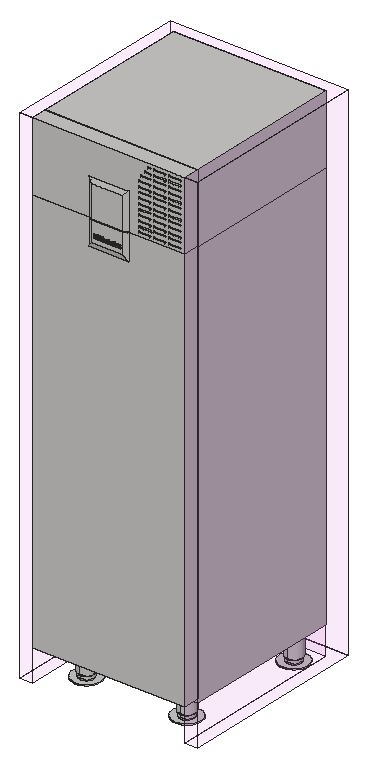
Revit family "QF_ELECTROLUXPROFESSIONAL_691387_PS04R1FM", category Attrezzature speciali, Revit 2018
Family settings
  Quota connettore circolare = Usa diametro
  Tipo di parte = Normale
  Basato su piano di lavoro = No
  Sempre verticale = Sì
  Taglio con vuoti quando caricato = No
  Condiviso = No
  Punto di calcolo locali = No
Parameters (values of type "Standard")
  Weight = 229.281 lbm
  Watts = 210 W
  Volts = 220 V
  URL Manufacturer = "https://www.electroluxprofessional.com/"
  URL = "https://www.electroluxprofessional.com/"
  Steam Supply Size = 0"
  Steam Supply Minimum Pressure = 0.00 psi
  Steam Supply Maximum Pressure = 0.00 psi
  Steam Consumption per Hour = 0
  Show Clearance [instance] = yes
  Refrigeration Suction Line Size = 0 mm
  Refrigeration Liquid Line Size = 0 mm
  Refrigerant Compressor Remote = yes
  Phase = 1
  Modello = "PS04R1FM"
  Produttore = "Electrolux Professional"
  Length Actual = 600 mm  # constant formula
  Item Number = "691387"
  Hot Water Size = 0"
  Height Actual = 2040 mm  # constant formula
  HP = "0.3 HP"
  Gas Size = 0"
  Gas KW = 0
  Gas Input Pressure = 0.0 Btu/h
  Direct Waste Size = 0"
  Descrizione = "1-DOOR REFRIGERATOR 470L, 0/+10°C, DIGITAL PROSTORE - R290 -  50/60HZ - MARINE"
  Depth Actual = 700 mm  # constant formula
  Cycle = 50 Hz
  Condensate Return Size = 0"
  Compressed Air Volume = 0 GPM
  Compressed Air Size = 0"
  Compressed Air Pressure = 0.00 psi
  Cold Water Size = 0"
  Accessory = yes
Types (2, lengths in mm): name | URL | Phase | Modello | Produttore | Descrizione
  (no name) | "http://professional.electrolux.com/" | 0 | "RBC201" | "Electrolux" | "BLAST CHILLER 56 KG 20 GN1/1"
  Standard | "https://www.electroluxprofessional.com/" | 1 | "PS04R1FM" | "Electrolux Professional" | "1-DOOR REFRIGERATOR 470L, 0/+10°C, DIGITAL PROSTORE - R290 -  50/60HZ - MARINE"
Values of the unnamed type that differ from the named types
  Weight = 0.00 lbm
  Watts = 0 W
  Volts = 0 V
  URL Manufacturer = ""
  Item Number = ""
  HP = ""
  Cycle = 0 Hz
Reference planes
  plane 1 "BACK": y = 0
  plane 2: z = 0
  plane 3 "LEFT": x = 0
  plane 4 "RIGHT": x = 600
  plane 5 "FRONT": y = -700
  plane 6 "TOP": z = 2040
  plane 7 "Center Y": x = 300
  plane 8 "Center X": y = -350
  plane 9: x = 102
  plane 10: x = 498
  plane 11: z = 115
  plane 12: z = 86
  plane 13: y = -80
  plane 14: y = -694
  plane 15: y = -1227
  plane 16: y = -630
  plane 17: z = 1770
  plane 18: x = -50
  plane 19: y = 50
  plane 20: x = 650
  plane 21: z = 1995
Forms (mm)
  Extrusion 1, solid, material "QF_Metal - Stainless - Polished"
    sketch origin (0, 0, 0) x (1, 0, 0) y (0, 0, 1)
      loop
        line (0, 1995) -> (0, 1724.003) -> (600, 1724.003) -> (600, 1995) -> (0, 1995)
    from 0 to 630
  Extrusion 2, solid, material "QF_Metal - Stainless - Polished"
    sketch origin (0, 0, 0) x (1, 0, 0) y (0, 0, 1)
      loop
        line (0, 1724.003) -> (0, 115) -> (600, 115) -> (600, 1724.003) -> (0, 1724.003)
    from 0 to 630
  Extrusion 3, solid, material "QF_Metal - Stainless - Polished"
    sketch origin (-370, 0, -128) x (1, 0, 0) y (0, 0, 1)
      loop
        circle (450, 1847.083) r 20
    from -7.507 to 0
  Extrusion 4, solid, material "QF_Metal - Stainless - Polished"
    sketch origin (0, 130.478, -45) x (1, 0, 0) y (0, 0, 1)
      loop
        line (0, 2040) -> (0, 1770) -> (600, 1770) -> (600, 2040) -> (0, 2040)
    from 760.478 to 824.478
  Extrusion 5, solid, material "QF_Metal - Stainless - Polished"
    sketch origin (0, 140, 0) x (1, 0, 0) y (0, 0, 1)
      loop
        line (0, 1725) -> (0, 127.536) -> (600, 127.536) -> (600, 1725) -> (0, 1725)
    from 834 to 770
  Revolve 6, solid, material "QF_Metal - Stainless - Polished"
    sketch origin (497.59, -2.833, 0) x (0, 1, 0) y (0, 0, -1)
      loop
        line (-590.954, -115) -> (-553.167, -115) -> (-553.167, 0) -> (-578.757, 0)
        arc (-578.757, 0) -> (-580.973, -2.655) -> (-581.767, -6.021) r 7.527
        line (-581.767, -6.021) -> (-581.767, -17.561) -> (-585.28, -21.074) -> (-585.28, -110.008) -> (-590.954, -110.008) -> (-590.954, -115)
      axis (-553.167, 0) -> (-553.167, -115)
    angle from 0 to 360
  Revolve 7, solid, material "QF_Metal - Stainless - Polished"
    sketch origin (102, -2.833, 0) x (0, 1, 0) y (0, 0, 1)
      loop
        line (-590.954, 115) -> (-590.954, 110.008) -> (-585.28, 110.008) -> (-585.28, 21.074) -> (-581.767, 17.561) -> (-581.767, 6.021)
        arc (-581.767, 6.021) -> (-580.973, 2.655) -> (-578.757, 0) r 7.527
        line (-578.757, 0) -> (-553.167, 0) -> (-553.167, 115) -> (-590.954, 115)
      axis (-553.167, 0) -> (-553.167, 115)
    angle from 0 to 360
  Revolve 8, solid, material "QF_Metal - Stainless - Polished"
    sketch origin (538, -759.167, 0) x (0, -1, 0) y (0, 0, 1)
      loop
        line (-716.954, 115) -> (-716.954, 110.008) -> (-711.28, 110.008) -> (-711.28, 21.074) -> (-707.767, 17.561) -> (-707.767, 6.021)
        arc (-707.767, 6.021) -> (-706.973, 2.655) -> (-704.757, 0) r 7.527
        line (-704.757, 0) -> (-679.167, 0) -> (-679.167, 115) -> (-716.954, 115)
      axis (-679.167, 0) -> (-679.167, 115)
    angle from 0 to 360
  Revolve 9, solid, material "QF_Metal - Stainless - Polished"
    sketch origin (62, -759.167, 0) x (0, -1, 0) y (0, 0, 1)
      loop
        line (-716.954, 115) -> (-716.954, 110.008) -> (-711.28, 110.008) -> (-711.28, 21.074) -> (-707.767, 17.561) -> (-707.767, 6.021)
        arc (-707.767, 6.021) -> (-706.973, 2.655) -> (-704.757, 0) r 7.527
        line (-704.757, 0) -> (-679.167, 0) -> (-679.167, 115) -> (-716.954, 115)
      axis (-679.167, 0) -> (-679.167, 115)
    angle from 0 to 360
  Blend 10, solid, material "QF_Metal - Stainless - Polished"
    base sketch origin (-150, -694, 0) x (1, 0, 0) y (0, 0, 1)
      loop
        line (370, 1869.822) -> (370, 1619.822) -> (530, 1619.822) -> (530, 1869.822) -> (370, 1869.822)
    top sketch origin (-150, -694, 0) x (1, 0, 0) y (0, 0, 1)
      loop
        line (510, 1849.822) -> (390, 1849.822) -> (390, 1639.822) -> (510, 1639.822) -> (510, 1849.822)
    from 0 to 6
  Extrusion 11, void
    sketch origin (-150, -700, 0) x (-1, 0, 0) y (0, 0, 1)
      loop
        line (-370, 1725.997) -> (-530, 1725.997) -> (-530, 1724.003) -> (-370, 1724.003) -> (-370, 1725.997)
    from 0 to 6
  Extrusion 12, solid, material "QF_Door-Drawer Clearances"
    sketch origin (0, 0, 0) x (1, 0, 0) y (0, 1, 0)
      loop
        line (0, -694) -> (0, 0) -> (600, 0) -> (600, -694) -> (650, -694) -> (650, 50) -> (-50, 50) -> (-50, -694) -> (0, -694)
    from 0 to 1995
  Extrusion 13, solid, material "QF_Metal - Stainless - Polished"
    sketch origin (497.59, -556, 0) x (0, -1, 0) y (-1, 0, 0)
      loop
        circle (0, 0) r 55.59
    from 0 to -1.917
  Extrusion 14, solid, material "QF_Metal - Stainless - Polished"
    sketch origin (102, -556, 0) x (0, -1, 0) y (-1, 0, 0)
      loop
        circle (0, 0) r 55.59
    from 0 to -1.917
  Extrusion 15, solid, material "QF_Metal - Stainless - Polished"
    sketch origin (62, -80, 0) x (0, -1, 0) y (-1, 0, 0)
      loop
        circle (0, 0) r 55.59
    from 0 to -1.917
  Extrusion 16, solid, material "QF_Metal - Stainless - Polished"
    sketch origin (538, -80, 0) x (0, -1, 0) y (-1, 0, 0)
      loop
        circle (0, 0) r 55.59
    from 0 to -1.917
  Extrusion 17, void
    sketch origin (0, -694, -45) x (-1, 0, 0) y (0, 0, 1)
      loop
        line (-537.804, 1788.817) -> (-587.804, 1788.817) -> (-587.804, 1780.817) -> (-537.804, 1780.817) -> (-537.804, 1788.817)
      loop
        line (-477.804, 1788.817) -> (-527.804, 1788.817) -> (-527.804, 1780.817) -> (-477.804, 1780.817) -> (-477.804, 1788.817)
      loop
        line (-417.804, 1788.817) -> (-467.804, 1788.817) -> (-467.804, 1780.817) -> (-417.804, 1780.817) -> (-417.804, 1788.817)
    from 0 to 2
  Extrusion 18, void
    sketch origin (0, -694, 195) x (-1, 0, 0) y (0, 0, 1)
      loop
        line (-537.804, 1788.817) -> (-587.804, 1788.817) -> (-587.804, 1780.817) -> (-537.804, 1780.817) -> (-537.804, 1788.817)
      loop
        line (-477.804, 1788.817) -> (-527.804, 1788.817) -> (-527.804, 1780.817) -> (-477.804, 1780.817) -> (-477.804, 1788.817)
      loop
        line (-453.929, 1788.817) -> (-467.804, 1788.817) -> (-467.804, 1780.817) -> (-453.929, 1780.817) -> (-453.929, 1788.817)
    from 0 to 2
  Extrusion 19, void
    sketch origin (0, -694, -25) x (-1, 0, 0) y (0, 0, 1)
      loop
        line (-537.804, 1788.817) -> (-587.804, 1788.817) -> (-587.804, 1780.817) -> (-537.804, 1780.817) -> (-537.804, 1788.817)
      loop
        line (-477.804, 1788.817) -> (-527.804, 1788.817) -> (-527.804, 1780.817) -> (-477.804, 1780.817) -> (-477.804, 1788.817)
      loop
        line (-417.804, 1788.817) -> (-467.804, 1788.817) -> (-467.804, 1780.817) -> (-417.804, 1780.817) -> (-417.804, 1788.817)
    from 0 to 2
  Extrusion 20, void
    sketch origin (0, -694, -5) x (-1, 0, 0) y (0, 0, 1)
      loop
        line (-537.804, 1788.817) -> (-587.804, 1788.817) -> (-587.804, 1780.817) -> (-537.804, 1780.817) -> (-537.804, 1788.817)
      loop
        line (-477.804, 1788.817) -> (-527.804, 1788.817) -> (-527.804, 1780.817) -> (-477.804, 1780.817) -> (-477.804, 1788.817)
      loop
        line (-417.804, 1788.817) -> (-467.804, 1788.817) -> (-467.804, 1780.817) -> (-417.804, 1780.817) -> (-417.804, 1788.817)
    from 0 to 2
  Extrusion 21, void
    sketch origin (0, -694, 15) x (-1, 0, 0) y (0, 0, 1)
      loop
        line (-537.804, 1788.817) -> (-587.804, 1788.817) -> (-587.804, 1780.817) -> (-537.804, 1780.817) -> (-537.804, 1788.817)
      loop
        line (-477.804, 1788.817) -> (-527.804, 1788.817) -> (-527.804, 1780.817) -> (-477.804, 1780.817) -> (-477.804, 1788.817)
      loop
        line (-417.804, 1788.817) -> (-467.804, 1788.817) -> (-467.804, 1780.817) -> (-417.804, 1780.817) -> (-417.804, 1788.817)
    from 0 to 2
  Extrusion 22, void
    sketch origin (0, -694, 35) x (-1, 0, 0) y (0, 0, 1)
      loop
        line (-537.804, 1788.817) -> (-587.804, 1788.817) -> (-587.804, 1780.817) -> (-537.804, 1780.817) -> (-537.804, 1788.817)
      loop
        line (-477.804, 1788.817) -> (-527.804, 1788.817) -> (-527.804, 1780.817) -> (-477.804, 1780.817) -> (-477.804, 1788.817)
      loop
        line (-417.804, 1788.817) -> (-467.804, 1788.817) -> (-467.804, 1780.817) -> (-417.804, 1780.817) -> (-417.804, 1788.817)
    from 0 to 2
  Extrusion 23, void
    sketch origin (0, -694, 55) x (-1, 0, 0) y (0, 0, 1)
      loop
        line (-537.804, 1788.817) -> (-587.804, 1788.817) -> (-587.804, 1780.817) -> (-537.804, 1780.817) -> (-537.804, 1788.817)
      loop
        line (-477.804, 1788.817) -> (-527.804, 1788.817) -> (-527.804, 1780.817) -> (-477.804, 1780.817) -> (-477.804, 1788.817)
      loop
        line (-417.804, 1788.817) -> (-467.804, 1788.817) -> (-467.804, 1780.817) -> (-417.804, 1780.817) -> (-417.804, 1788.817)
    from 0 to 2
  Extrusion 24, void
    sketch origin (0, -694, 75) x (-1, 0, 0) y (0, 0, 1)
      loop
        line (-537.804, 1788.817) -> (-587.804, 1788.817) -> (-587.804, 1780.817) -> (-537.804, 1780.817) -> (-537.804, 1788.817)
      loop
        line (-477.804, 1788.817) -> (-527.804, 1788.817) -> (-527.804, 1780.817) -> (-477.804, 1780.817) -> (-477.804, 1788.817)
      loop
        line (-417.804, 1788.817) -> (-467.804, 1788.817) -> (-467.804, 1780.817) -> (-417.804, 1780.817) -> (-417.804, 1788.817)
    from 0 to 2
  Extrusion 25, void
    sketch origin (0, -694, 95) x (-1, 0, 0) y (0, 0, 1)
      loop
        line (-537.804, 1788.817) -> (-587.804, 1788.817) -> (-587.804, 1780.817) -> (-537.804, 1780.817) -> (-537.804, 1788.817)
      loop
        line (-477.804, 1788.817) -> (-527.804, 1788.817) -> (-527.804, 1780.817) -> (-477.804, 1780.817) -> (-477.804, 1788.817)
      loop
        line (-417.804, 1788.817) -> (-467.804, 1788.817) -> (-467.804, 1780.817) -> (-417.804, 1780.817) -> (-417.804, 1788.817)
    from 0 to 2
  Extrusion 26, void
    sketch origin (0, -694, 115) x (-1, 0, 0) y (0, 0, 1)
      loop
        line (-537.804, 1788.817) -> (-587.804, 1788.817) -> (-587.804, 1780.817) -> (-537.804, 1780.817) -> (-537.804, 1788.817)
      loop
        line (-477.804, 1788.817) -> (-527.804, 1788.817) -> (-527.804, 1780.817) -> (-477.804, 1780.817) -> (-477.804, 1788.817)
      loop
        line (-417.804, 1788.817) -> (-467.804, 1788.817) -> (-467.804, 1780.817) -> (-417.804, 1780.817) -> (-417.804, 1788.817)
    from 0 to 2
  Extrusion 27, void
    sketch origin (0, -694, 135) x (-1, 0, 0) y (0, 0, 1)
      loop
        line (-537.804, 1788.817) -> (-587.804, 1788.817) -> (-587.804, 1780.817) -> (-537.804, 1780.817) -> (-537.804, 1788.817)
      loop
        line (-477.804, 1788.817) -> (-527.804, 1788.817) -> (-527.804, 1780.817) -> (-477.804, 1780.817) -> (-477.804, 1788.817)
      loop
        line (-417.804, 1788.817) -> (-467.804, 1788.817) -> (-467.804, 1780.817) -> (-417.804, 1780.817) -> (-417.804, 1788.817)
    from 0 to 2
  Extrusion 28, void
    sketch origin (0, -694, 155) x (-1, 0, 0) y (0, 0, 1)
      loop
        line (-537.804, 1788.817) -> (-587.804, 1788.817) -> (-587.804, 1780.817) -> (-537.804, 1780.817) -> (-537.804, 1788.817)
      loop
        line (-477.804, 1788.817) -> (-527.804, 1788.817) -> (-527.804, 1780.817) -> (-477.804, 1780.817) -> (-477.804, 1788.817)
      loop
        line (-426.702, 1788.817) -> (-467.804, 1788.817) -> (-467.804, 1780.817) -> (-426.702, 1780.817) -> (-426.702, 1788.817)
    from 0 to 2
  Extrusion 29, void
    sketch origin (0, -694, 175) x (-1, 0, 0) y (0, 0, 1)
      loop
        line (-537.804, 1788.817) -> (-587.804, 1788.817) -> (-587.804, 1780.817) -> (-537.804, 1780.817) -> (-537.804, 1788.817)
      loop
        line (-477.804, 1788.817) -> (-527.804, 1788.817) -> (-527.804, 1780.817) -> (-477.804, 1780.817) -> (-477.804, 1788.817)
      loop
        line (-441.24, 1788.817) -> (-467.804, 1788.817) -> (-467.804, 1780.817) -> (-441.24, 1780.817) -> (-441.24, 1788.817)
    from 0 to 2
  Extrusion 30, solid, material "QF_Door-Drawer Clearances", visible <- "Show Clearance", detail levels coarse
    sketch origin (0, 0, 0) x (1, 0, 0) y (0, 1, 0)
      loop
        line (600, -694) -> (0, -694)
        arc (0, -694) -> (187.42, -1087.232) -> (600, -1227) r 559.707
        line (600, -1227) -> (600, -694)
    from 127.536 to 1725
Cuts and joins
  Extrusion 11, Extrusion 17 cuts Extrusion 1
  Extrusion 11 cuts Extrusion 2
  Extrusion 11, Extrusion 17, Extrusion 18, Extrusion 19, Extrusion 20, Extrusion 21, Extrusion 22, Extrusion 23, Extrusion 24, Extrusion 25, Extrusion 26, Extrusion 27, Extrusion 28, Extrusion 29 cuts Extrusion 4
  Extrusion 11 cuts Extrusion 5
  Extrusion 11 cuts Blend 10
  joined: Revolve 6, Extrusion 13
Lines and regions (mm)
  Split face 1
    outline origin (-150, -700, 0) x (1, 0, 0) y (0, 0, 1)
      loop
        line (415, 1849.822) -> (415, 1697.499) -> (485, 1697.499) -> (485, 1849.822)
  symbolic lines
    curve 1: line (0, 0, 0) -> (600, 0, 0)
    curve 2: line (0, -694, 0) -> (0, 0, 0)
    curve 3: line (600, -694, 0) -> (0, -694, 0)
    curve 4: line (600, 0, 0) -> (600, -694, 0)
    curve 5: line (0, -630, 0) -> (600, -630, 0)
    curve 6: line (220, -694, 0) -> (240, -700, 0)
    curve 7: line (240, -700, 0) -> (360, -700, 0)
    curve 8: line (360, -700, 0) -> (380, -694, 0)
  symbolic lines, style "QF_Door-Drawer Clearances"
    curve 9: line (0, -694, 0) -> (-50, -694, 0)
    curve 10: line (-50, -694, 0) -> (-50, 50, 0)
    curve 11: line (-50, 50, 0) -> (650, 50, 0)
    curve 12: line (650, 50, 0) -> (650, -694, 0)
    curve 13: line (650, -694, 0) -> (600, -694, 0)
    curve 14: arc (0, -694, 0) -> (187.42, -1087.232, 0) -> (600, -1227, 0) r 559.707
    curve 15: line (600, -1227, 0) -> (600, -694, 0)
Dimensions and locks
  equal spacing: plane 3 "LEFT", plane 7 "Center Y", plane 4 "RIGHT"
  plane 3 "LEFT" to plane 4 "RIGHT" = 600 mm
  equal spacing: plane 5 "FRONT", plane 8 "Center X", plane 1 "BACK"
  plane 5 "FRONT" to plane 1 "BACK" = 700 mm
  plane 6 "TOP" to level = 2040 mm
  plane 9 to plane 3 "LEFT" = 102 mm
  plane 10 to plane 4 "RIGHT" = 102 mm
  plane 11 to level = 115 mm
  plane 12 to plane 11 = 29 mm
  plane 1 "BACK" to plane 13 = 80 mm
  plane 15 to plane 1 "BACK" = 1227 mm
  plane 11 to plane 2 = 115 mm
  plane 1 "BACK" to plane 16 = 630 mm
  plane 18 to plane 3 "LEFT" = 50 mm
  plane 4 "RIGHT" to plane 20 = 50 mm
  plane 1 "BACK" to plane 19 = 50 mm
  plane 21 to level = 1995 mm
  aligned and locked: level to plane 2
  aligned and locked: Extrusion 4 to plane 4 "RIGHT"
  aligned and locked: Extrusion 4 to plane 3 "LEFT"
  aligned and locked: plane 5 "FRONT" to Blend 10
Automatic sketch dimensions
  Extrusion 3 sketch curve to plane 9 = 22 mm
  Extrusion 3 sketch curve to plane 17 = 50.917 mm
  plane 11 to Revolve 6 sketch curve = 0 mm
  Revolve 6 sketch curve to level = 0 mm
  plane 16 to Revolve 6 sketch curve = 36.213 mm
  Revolve 6 sketch curve to Revolve 6 sketch curve = 5.674 mm
  Revolve 6 sketch curve to Revolve 6 sketch curve = 3.513 mm  (x2)
  Revolve 6 sketch curve to Revolve 6 sketch curve = 3.01 mm
  level to Revolve 6 sketch curve = 6.021 mm
  Revolve 6 sketch curve to Revolve 6 sketch curve = 21.073 mm
  Revolve 6 sketch curve to plane 11 = 4.992 mm  (x2)
  Revolve 6 sketch curve to Revolve 6 sketch curve = 15.053 mm
  Revolve 6 sketch curve to Revolve 6 sketch curve = 0 mm
  Revolve 6 sketch curve to Revolve 6 sketch curve = 20.008 mm
  Revolve 7 sketch curve to plane 11 = 0 mm
  Revolve 7 sketch curve to level = 0 mm
  plane 16 to Revolve 7 sketch curve = 36.213 mm
  Revolve 7 sketch curve to Revolve 7 sketch curve = 5.674 mm
  Revolve 7 sketch curve to Revolve 7 sketch curve = 3.513 mm  (x2)
  Revolve 7 sketch curve to Revolve 7 sketch curve = 3.01 mm
  level to Revolve 7 sketch curve = 6.021 mm
  Revolve 7 sketch curve to Revolve 7 sketch curve = 21.073 mm
  Revolve 7 sketch curve to Revolve 7 sketch curve = 11.54 mm
  Revolve 7 sketch curve to plane 11 = 4.992 mm
  Revolve 7 sketch curve to Revolve 7 sketch curve = 0 mm
  Revolve 7 sketch curve to Revolve 7 sketch curve = 4.992 mm
  plane 11 to Revolve 7 sketch curve = 20.008 mm
  Revolve 8 sketch curve to plane 11 = 0 mm
  Revolve 8 sketch curve to level = 0 mm
  Revolve 8 sketch curve to plane 13 = 0 mm  (x2)
  level to Revolve 8 sketch curve = 6.021 mm
  Revolve 8 sketch curve to plane 13 = 21.073 mm
  Revolve 8 sketch curve to Revolve 8 sketch curve = 4.517 mm
  Revolve 8 sketch curve to Revolve 8 sketch curve = 3.513 mm  (x2)
  Revolve 8 sketch curve to Revolve 8 sketch curve = 5.674 mm
  Revolve 8 sketch curve to Revolve 8 sketch curve = 11.54 mm
  Revolve 8 sketch curve to plane 11 = 4.992 mm  (x2)
  Revolve 8 sketch curve to Revolve 8 sketch curve = 20.008 mm
  Revolve 9 sketch curve to plane 11 = 0 mm
  Revolve 9 sketch curve to level = 0 mm
  Revolve 9 sketch curve to plane 13 = 0 mm  (x2)
  Revolve 9 sketch curve to level = 6.021 mm
  plane 13 to Revolve 9 sketch curve = 21.073 mm
  Revolve 9 sketch curve to Revolve 9 sketch curve = 4.517 mm
  Revolve 9 sketch curve to Revolve 9 sketch curve = 3.513 mm  (x2)
  Revolve 9 sketch curve to Revolve 9 sketch curve = 5.674 mm
  Revolve 9 sketch curve to Revolve 9 sketch curve = 11.54 mm
  plane 11 to Revolve 9 sketch curve = 4.992 mm  (x2)
  Revolve 9 sketch curve to Revolve 9 sketch curve = 20.008 mm
  Extrusion 14 sketch curve to Extrusion 14 sketch curve = 0 mm  (x2)
  Extrusion 14 sketch curve to Revolve 6 = 395.59 mm
  Extrusion 14 sketch curve to Extrusion 14 sketch curve = 55.59 mm
  Extrusion 15 sketch curve to Extrusion 15 sketch curve = 0 mm  (x2)
  Extrusion 15 sketch curve to Revolve 6 = 435.59 mm
  Extrusion 15 sketch curve to Extrusion 15 sketch curve = 55.59 mm
  Extrusion 16 sketch curve to Extrusion 16 sketch curve = 0 mm  (x2)
  Revolve 6 to Extrusion 16 sketch curve = 40.41 mm
  Extrusion 16 sketch curve to Extrusion 16 sketch curve = 55.59 mm
  plane 14 to curve 10 = 0 mm
  curve 10 to plane 18 = 0 mm
  plane 5 "FRONT" to curve 7 = 0 mm
  plane 1 "BACK" to curve 1 = 0 mm
  curve 1 to plane 4 "RIGHT" = 0 mm
  curve 12 to plane 19 = 0 mm
  curve 12 to plane 20 = 0 mm
  curve 15 to plane 15 = 0 mm
  curve 5 to plane 16 = 0 mm
  curve 7 to plane 7 "Center Y" = 60 mm
  plane 7 "Center Y" to curve 7 = 60 mm
  curve 14 to plane 14 = 25.214 mm
  curve 6 to curve 6 = 20 mm
  curve 7 to curve 8 = 20 mm
  Extrusion 1 sketch curve to plane 3 "LEFT" = 0 mm
  plane 4 "RIGHT" to Extrusion 1 sketch curve = 0 mm
  Extrusion 1 sketch curve to plane 21 = 0 mm
  Extrusion 1 sketch curve to plane 17 = 45.997 mm
  Extrusion 2 sketch curve to plane 3 "LEFT" = 0 mm
  plane 4 "RIGHT" to Extrusion 2 sketch curve = 0 mm
  Extrusion 2 sketch curve to plane 11 = 0 mm
  Extrusion 2 sketch curve to plane 17 = 45.997 mm
  Extrusion 4 sketch curve to plane 3 "LEFT" = 0 mm
  plane 4 "RIGHT" to Extrusion 4 sketch curve = 0 mm
  Extrusion 4 sketch curve to plane 21 = 0 mm
  Extrusion 4 sketch curve to plane 17 = 45 mm
  Extrusion 5 sketch curve to plane 3 "LEFT" = 0 mm
  plane 4 "RIGHT" to Extrusion 5 sketch curve = 0 mm
  plane 11 to Extrusion 5 sketch curve = 12.536 mm
  Extrusion 5 sketch curve to plane 17 = 45 mm
  Blend 10 sketch curve to Extrusion 5 = 105.178 mm
  Blend 10 sketch curve to Extrusion 5 = 220 mm
  Blend 10 sketch curve to Blend 10 sketch curve = 160 mm
  Extrusion 5 to Blend 10 sketch curve = 144.822 mm
  Blend 10 sketch curve to Extrusion 5 = 240 mm
  Blend 10 sketch curve to Blend 10 sketch curve = 120 mm
  Blend 10 sketch curve to Extrusion 5 = 85.178 mm
  Extrusion 5 to Blend 10 sketch curve = 124.822 mm
  Split face 1 sketch curve to Blend 10 = 0 mm  (x2)
  Split face 1 sketch curve to Blend 10 = 25 mm  (x2)
  Split face 1 sketch curve to Blend 10 = 57.677 mm
  Extrusion 11 sketch curve to Blend 10 = 20 mm  (x2)
  Blend 10 to Extrusion 11 sketch curve = 84.181 mm
  Extrusion 11 sketch curve to Extrusion 11 sketch curve = 1.995 mm
  plane 14 to Extrusion 12 sketch curve = 0 mm  (x2)
  Extrusion 12 sketch curve to plane 18 = 0 mm
  Extrusion 12 sketch curve to plane 3 "LEFT" = 0 mm
  Extrusion 12 sketch curve to plane 4 "RIGHT" = 0 mm
  Extrusion 12 sketch curve to plane 19 = 0 mm
  Extrusion 12 sketch curve to plane 20 = 0 mm
  plane 1 "BACK" to Extrusion 12 sketch curve = 0 mm
  Extrusion 4 to Extrusion 17 sketch curve = 12.196 mm
  Extrusion 4 to Extrusion 17 sketch curve = 10.817 mm  (x3)
  Extrusion 17 sketch curve to Extrusion 17 sketch curve = 50 mm  (x3)
  Extrusion 17 sketch curve to Extrusion 17 sketch curve = 10 mm  (x2)
  Extrusion 17 sketch curve to Extrusion 17 sketch curve = 8 mm  (x3)
  Extrusion 4 to Extrusion 18 sketch curve = 12.196 mm
  Extrusion 4 to Extrusion 18 sketch curve = 19.183 mm  (x3)
  Extrusion 18 sketch curve to Extrusion 18 sketch curve = 50 mm  (x2)
  Extrusion 18 sketch curve to Extrusion 18 sketch curve = 10 mm  (x2)
  Extrusion 18 sketch curve to Extrusion 18 sketch curve = 13.876 mm
  Extrusion 18 sketch curve to Extrusion 18 sketch curve = 8 mm  (x3)
  Extrusion 4 to Extrusion 19 sketch curve = 12.196 mm
  Extrusion 19 sketch curve to Extrusion 19 sketch curve = 50 mm  (x3)
  Extrusion 19 sketch curve to Extrusion 19 sketch curve = 10 mm  (x2)
  Extrusion 4 to Extrusion 19 sketch curve = 30.817 mm  (x2)
  Extrusion 19 sketch curve to Extrusion 19 sketch curve = 0 mm
  Extrusion 19 sketch curve to Extrusion 19 sketch curve = 8 mm  (x3)
  Extrusion 4 to Extrusion 20 sketch curve = 12.196 mm
  Extrusion 20 sketch curve to Extrusion 20 sketch curve = 50 mm  (x3)
  Extrusion 20 sketch curve to Extrusion 20 sketch curve = 10 mm  (x2)
  Extrusion 4 to Extrusion 20 sketch curve = 50.817 mm  (x2)
  Extrusion 20 sketch curve to Extrusion 20 sketch curve = 0 mm
  Extrusion 20 sketch curve to Extrusion 20 sketch curve = 8 mm  (x3)
  Extrusion 4 to Extrusion 21 sketch curve = 12.196 mm
  Extrusion 21 sketch curve to Extrusion 21 sketch curve = 50 mm  (x3)
  Extrusion 21 sketch curve to Extrusion 21 sketch curve = 10 mm  (x2)
  Extrusion 4 to Extrusion 21 sketch curve = 70.817 mm
  Extrusion 21 sketch curve to Extrusion 21 sketch curve = 0 mm  (x2)
  Extrusion 21 sketch curve to Extrusion 21 sketch curve = 8 mm  (x3)
  Extrusion 4 to Extrusion 22 sketch curve = 12.196 mm
  Extrusion 22 sketch curve to Extrusion 22 sketch curve = 50 mm  (x3)
  Extrusion 22 sketch curve to Extrusion 22 sketch curve = 10 mm  (x2)
  Extrusion 4 to Extrusion 22 sketch curve = 90.817 mm
  Extrusion 22 sketch curve to Extrusion 22 sketch curve = 0 mm  (x2)
  Extrusion 22 sketch curve to Extrusion 22 sketch curve = 8 mm  (x3)
  Extrusion 4 to Extrusion 23 sketch curve = 12.196 mm
  Extrusion 23 sketch curve to Extrusion 23 sketch curve = 50 mm  (x3)
  Extrusion 23 sketch curve to Extrusion 23 sketch curve = 10 mm  (x2)
  Extrusion 4 to Extrusion 23 sketch curve = 110.817 mm
  Extrusion 23 sketch curve to Extrusion 23 sketch curve = 0 mm  (x2)
  Extrusion 23 sketch curve to Extrusion 23 sketch curve = 8 mm  (x3)
  Extrusion 4 to Extrusion 24 sketch curve = 12.196 mm
  Extrusion 24 sketch curve to Extrusion 24 sketch curve = 50 mm  (x3)
  Extrusion 24 sketch curve to Extrusion 24 sketch curve = 10 mm  (x2)
  Extrusion 4 to Extrusion 24 sketch curve = 130.817 mm
  Extrusion 24 sketch curve to Extrusion 24 sketch curve = 0 mm  (x2)
  Extrusion 24 sketch curve to Extrusion 24 sketch curve = 8 mm  (x3)
  Extrusion 4 to Extrusion 25 sketch curve = 12.196 mm
  Extrusion 25 sketch curve to Extrusion 25 sketch curve = 50 mm  (x3)
  Extrusion 25 sketch curve to Extrusion 25 sketch curve = 10 mm  (x2)
  Extrusion 4 to Extrusion 25 sketch curve = 119.183 mm
  Extrusion 25 sketch curve to Extrusion 25 sketch curve = 0 mm  (x2)
  Extrusion 25 sketch curve to Extrusion 25 sketch curve = 8 mm  (x3)
  Extrusion 4 to Extrusion 26 sketch curve = 12.196 mm
  Extrusion 26 sketch curve to Extrusion 26 sketch curve = 50 mm  (x3)
  Extrusion 26 sketch curve to Extrusion 26 sketch curve = 10 mm  (x2)
  Extrusion 4 to Extrusion 26 sketch curve = 99.183 mm
  Extrusion 26 sketch curve to Extrusion 26 sketch curve = 0 mm  (x2)
  Extrusion 26 sketch curve to Extrusion 26 sketch curve = 8 mm  (x3)
  Extrusion 4 to Extrusion 27 sketch curve = 12.196 mm
  Extrusion 27 sketch curve to Extrusion 27 sketch curve = 50 mm  (x3)
  Extrusion 27 sketch curve to Extrusion 27 sketch curve = 10 mm  (x2)
  Extrusion 4 to Extrusion 27 sketch curve = 79.183 mm
  Extrusion 27 sketch curve to Extrusion 27 sketch curve = 0 mm  (x2)
  Extrusion 27 sketch curve to Extrusion 27 sketch curve = 8 mm  (x3)
  Extrusion 4 to Extrusion 28 sketch curve = 12.196 mm
  Extrusion 28 sketch curve to Extrusion 28 sketch curve = 50 mm  (x2)
  Extrusion 28 sketch curve to Extrusion 28 sketch curve = 10 mm  (x2)
  Extrusion 28 sketch curve to Extrusion 28 sketch curve = 41.103 mm
  Extrusion 4 to Extrusion 28 sketch curve = 59.183 mm
  Extrusion 28 sketch curve to Extrusion 28 sketch curve = 0 mm  (x2)
  Extrusion 28 sketch curve to Extrusion 28 sketch curve = 8 mm  (x3)
  Extrusion 4 to Extrusion 29 sketch curve = 12.196 mm
  Extrusion 29 sketch curve to Extrusion 29 sketch curve = 50 mm  (x2)
  Extrusion 29 sketch curve to Extrusion 29 sketch curve = 10 mm  (x2)
  Extrusion 29 sketch curve to Extrusion 29 sketch curve = 26.564 mm
  Extrusion 4 to Extrusion 29 sketch curve = 39.183 mm
  Extrusion 29 sketch curve to Extrusion 29 sketch curve = 0 mm  (x2)
  Extrusion 29 sketch curve to Extrusion 29 sketch curve = 8 mm  (x3)
  Extrusion 30 sketch curve to plane 3 "LEFT" = 0 mm
  Extrusion 30 sketch curve to plane 4 "RIGHT" = 0 mm
  Extrusion 30 sketch curve to plane 15 = 0 mm
  plane 14 to Extrusion 30 sketch curve = 0 mm
  Extrusion 30 sketch curve to plane 14 = 25.214 mm
  curve 3 to plane 3 "LEFT" = 0 mm
  radius of Extrusion 3 sketch curve = 20 mm
  radius of Revolve 6 to Extrusion 13 sketch curve = 30 mm
Nested families
  nested 1: "ELX_Logo_S" at (300.625, -700, 1669.375) x (1, 0, 0) z (0, -1, 0), type "ELX_Logo_S"
Connectors
  electrical at (80, 7.507, 1719.083), driven by "Volts"
    settings: on Extrusion 3, index 2, voltage 220 V, apparent load 0 VA, apparent load phase1 0 VA, apparent load phase2 0 VA, apparent load phase3 0 VA, power factor 1, load classification "Other", number of poles 1, system type 30, power factor state 1, is connector primary yes, connector utility no, sub classification motor no, connector description "Electrical Connection"
Definition of nested family "ELX_Logo_S"
  Parameters (values of type "ELX_Logo_S")
    Default Elevation = 0 mm
  Reference planes
    plane 1 "Centro (Fronte/Retro)": y = 0
    plane 2: z = 0
    plane 3 "Centro (Sinistra/Destra)": x = 0
  Forms (mm)
    Extrusion 1, solid
      sketch origin (0, 0, 0) x (1, 0, 0) y (0, 1, 0)
        loop
          line (-1219.2, 1219.2) -> (-1219.2, -1219.2) -> (1219.2, -1219.2) -> (1219.2, 1219.2) -> (-1219.2, 1219.2)
      from 0 to -304.8
    Extrusion 2, solid
      sketch origin (0, 0, 0) x (1, 0, 0) y (0, 1, 0)
        loop
          line (-43.793, 5.912) -> (-43.793, -6.455)
          arc (-43.793, -6.455) -> (-39.222, -0.272) -> (-43.793, 5.912) r 6.467
        loop
          arc (-44.422, 5.912) -> (-49.565, 4.743) -> (-52.043, 0.087) r 6.338
          line (-52.043, 0.087) -> (-49.997, 0.087)
          arc (-49.997, 0.087) -> (-46.342, 1.57) -> (-44.422, 5.016) r 5.941
          line (-44.422, 5.016) -> (-44.422, 5.912)
        loop
          arc (-44.422, -5.559) -> (-46.342, -2.114) -> (-49.997, -0.63) r 5.941
          line (-49.997, -0.63) -> (-52.043, -0.63)
          arc (-52.043, -0.63) -> (-49.569, -5.324) -> (-44.422, -6.614) r 6.504
          line (-44.422, -6.614) -> (-44.422, -5.559)
        loop
          line (-52.512, 6.586) -> (-52.512, -7.158) -> (-38.749, -7.158) -> (-38.749, 6.586) -> (-52.512, 6.586)
        loop
          arc (-35.782, 6.67) -> (-36.139, 6.322) -> (-35.801, 5.955) r 0.358
          arc (-35.801, 5.955) -> (-35.051, 5.641) -> (-34.666, 4.924) r 1.216
          line (-34.666, 4.924) -> (-34.666, -5.488)
          arc (-34.666, -5.488) -> (-34.944, -6.148) -> (-35.54, -6.544) r 1.238
          arc (-35.54, -6.544) -> (-35.791, -6.939) -> (-35.437, -7.244) r 0.358
          line (-35.437, -7.244) -> (-25.558, -7.244) -> (-25.558, -4.494) -> (-26.455, -4.494)
          arc (-26.455, -4.494) -> (-27.035, -5.403) -> (-28.012, -5.858) r 1.928
          line (-28.012, -5.858) -> (-30.511, -5.858)
          arc (-30.511, -5.858) -> (-31.24, -5.583) -> (-31.604, -4.894) r 1.101
          line (-31.604, -4.894) -> (-31.604, -0.808) -> (-27.931, -0.808)
          arc (-27.931, -0.808) -> (-27.434, -1.16) -> (-27.206, -1.725) r 1.083
          arc (-27.206, -1.725) -> (-26.9, -1.989) -> (-26.622, -1.697) r 0.292
          line (-26.622, -1.697) -> (-26.622, 1.265)
          arc (-26.622, 1.265) -> (-26.895, 1.568) -> (-27.225, 1.329) r 0.305
          arc (-27.225, 1.329) -> (-27.473, 0.839) -> (-27.931, 0.534) r 1.083
          line (-27.931, 0.534) -> (-31.604, 0.534) -> (-31.604, 5.211) -> (-27.857, 5.211)
          arc (-27.857, 5.211) -> (-27.101, 4.997) -> (-26.603, 4.39) r 1.314
          arc (-26.603, 4.39) -> (-26.199, 4.171) -> (-25.907, 4.526) r 0.361
          line (-25.907, 4.526) -> (-25.907, 6.67) -> (-35.782, 6.67)
        loop
          arc (-25.126, 5.953) -> (-24.207, 5.572) -> (-23.827, 4.654) r 1.299
          line (-23.827, 4.654) -> (-23.827, -4.925)
          arc (-23.827, -4.925) -> (-24.205, -5.763) -> (-25.083, -6.035) r 1.118
          line (-25.083, -6.035) -> (-25.083, -7.244) -> (-19.733, -7.244) -> (-19.733, -6.056)
          arc (-19.733, -6.056) -> (-20.65, -5.784) -> (-21.046, -4.914) r 1.153
          line (-21.046, -4.914) -> (-21.046, 7.158) -> (-25.126, 5.953)
        loop
          line (-17.097, -2.28) -> (-10.65, -2.28) -> (-10.65, -1.481)
          arc (-10.65, -1.481) -> (-11.634, 1.1) -> (-14.088, 2.369) r 3.874
          line (-14.088, 2.369) -> (-15.848, 2.369)
          arc (-15.848, 2.369) -> (-18.713, 1.182) -> (-19.899, -1.682) r 4.051
          line (-19.899, -1.682) -> (-19.899, -3.691)
          arc (-19.899, -3.691) -> (-18.414, -6.509) -> (-15.407, -7.561) r 4.352
          arc (-15.407, -7.561) -> (-12.944, -7.196) -> (-10.87, -5.819) r 5.713
          line (-10.87, -5.819) -> (-10.87, -4.87)
          arc (-10.87, -4.87) -> (-12.439, -5.603) -> (-14.157, -5.819) r 5.579
          arc (-14.157, -5.819) -> (-16.12, -5.025) -> (-17.097, -3.146) r 3.057
          line (-17.097, -3.146) -> (-17.097, -2.28)
        loop
          line (-17.097, -1.02) -> (-13.515, -1.02)
          arc (-13.515, -1.02) -> (-13.468, 0.436) -> (-14.627, 1.319) r 1.59
          line (-14.627, 1.319) -> (-15.457, 1.319)
          arc (-15.457, 1.319) -> (-16.712, 0.455) -> (-17.097, -1.02) r 2.184
        loop
          arc (-1.232, 1.771) -> (-2.906, 2.259) -> (-4.643, 2.417) r 9.023
          line (-4.643, 2.417) -> (-6.005, 2.417)
          arc (-6.005, 2.417) -> (-8.805, 1.257) -> (-9.965, -1.542) r 3.959
          line (-9.965, -1.542) -> (-9.965, -4.142)
          arc (-9.965, -4.142) -> (-8.672, -6.424) -> (-6.299, -7.541) r 4.331
          line (-6.299, -7.541) -> (-4.164, -7.541)
          arc (-4.164, -7.541) -> (-2.614, -7.033) -> (-1.268, -6.112) r 5.772
          arc (-1.268, -6.112) -> (-1.217, -5.35) -> (-1.976, -5.263) r 0.553
          arc (-1.976, -5.263) -> (-2.71, -5.651) -> (-3.529, -5.785) r 2.573
          line (-3.529, -5.785) -> (-5.044, -5.785)
          arc (-5.044, -5.785) -> (-6.686, -4.779) -> (-7.328, -2.965) r 2.884
          line (-7.328, -2.965) -> (-7.328, -1.686)
          arc (-7.328, -1.686) -> (-6.768, 0.135) -> (-5.103, 1.062) r 2.554
          line (-5.103, 1.062) -> (-4.05, 1.062)
          arc (-4.05, 1.062) -> (-3.122, 0.73) -> (-2.387, 0.073) r 2.564
          arc (-2.387, 0.073) -> (-1.67, -0.148) -> (-1.232, 0.461) r 0.643
          line (-1.232, 0.461) -> (-1.232, 1.771)
        loop
          line (-0.962, 0.752) -> (0.539, 0.752) -> (0.539, -5.296)
          arc (0.539, -5.296) -> (1.197, -6.884) -> (2.785, -7.541) r 2.246
          line (2.785, -7.541) -> (4.369, -7.541)
          arc (4.369, -7.541) -> (5.233, -7.228) -> (6.005, -6.727) r 4.06
          arc (6.005, -6.727) -> (6.138, -5.995) -> (5.437, -5.743) r 0.576
          arc (5.437, -5.743) -> (4.911, -5.849) -> (4.379, -5.785) r 1.69
          arc (4.379, -5.785) -> (3.591, -5.244) -> (3.288, -4.337) r 1.506
          line (3.288, -4.337) -> (3.288, 0.801) -> (5.685, 0.801) -> (6.241, 1.357) -> (6.241, 2.179) -> (3.382, 2.179) -> (3.382, 5.41) -> (-0.962, 0.752)
        loop
          line (7.139, -7.324) -> (12.526, -7.324) -> (12.526, -6.214)
          arc (12.526, -6.214) -> (11.575, -5.82) -> (11.181, -4.869) r 1.345
          line (11.181, -4.869) -> (11.181, -1.253)
          arc (11.181, -1.253) -> (11.773, -0.488) -> (12.695, -0.199) r 1.615
          line (12.695, -0.199) -> (14.251, -0.199) -> (14.936, 2.357) -> (13.553, 2.357) -> (10.994, 0.414) -> (10.994, 2.295) -> (8.288, 2.01)
          arc (8.288, 2.01) -> (7.758, 1.571) -> (7.959, 0.912) r 0.621
          arc (7.959, 0.912) -> (8.301, 0.512) -> (8.484, 0.018) r 1.501
          line (8.484, 0.018) -> (8.484, -4.869)
          arc (8.484, -4.869) -> (8.09, -5.82) -> (7.139, -6.214) r 1.345
          line (7.139, -6.214) -> (7.139, -7.324)
        loop
          line (14.473, -1.222) -> (14.473, -3.914)
          arc (14.473, -3.914) -> (15.781, -6.36) -> (18.311, -7.494) r 4.288
          arc (18.311, -7.494) -> (19.692, -7.557) -> (21.072, -7.494) r 15.022
          arc (21.072, -7.494) -> (23.603, -6.36) -> (24.91, -3.914) r 4.288
          line (24.91, -3.914) -> (24.91, -1.222)
          arc (24.91, -1.222) -> (23.603, 1.223) -> (21.072, 2.357) r 4.288
          arc (21.072, 2.357) -> (19.692, 2.421) -> (18.311, 2.357) r 15.022
          arc (18.311, 2.357) -> (15.781, 1.223) -> (14.473, -1.222) r 4.288
        loop
          line (17.587, -1.017) -> (17.587, -4.119)
          arc (17.587, -4.119) -> (19.744, -6.276) -> (21.901, -4.119) r 2.157
          line (21.901, -4.119) -> (21.901, -1.017)
          arc (21.901, -1.017) -> (19.744, 1.14) -> (17.587, -1.017) r 2.157
        loop
          arc (24.768, 5.964) -> (25.662, 5.593) -> (26.033, 4.699) r 1.264
          line (26.033, 4.699) -> (26.033, -5.165)
          arc (26.033, -5.165) -> (25.636, -6.035) -> (24.72, -6.307) r 1.153
          line (24.72, -6.307) -> (24.72, -7.244) -> (29.828, -7.244) -> (29.828, -6.316)
          arc (29.828, -6.316) -> (29.056, -5.957) -> (28.741, -5.165) r 1.153
          line (28.741, -5.165) -> (28.741, 7.158) -> (24.768, 5.964)
        loop
          arc (29.365, 1.084) -> (30.43, 0.885) -> (30.912, -0.085) r 1.215
          line (30.912, -0.085) -> (30.912, -5.105)
          arc (30.912, -5.105) -> (31.559, -6.719) -> (33.142, -7.44) r 2.338
          line (33.142, -7.44) -> (34.657, -7.44)
          arc (34.657, -7.44) -> (35.661, -7.266) -> (36.547, -6.763) r 2.979
          line (36.547, -6.763) -> (38.344, -7.244) -> (40.032, -7.244) -> (40.032, 2.181) -> (35.829, 1.887) -> (35.829, 1.101)
          arc (35.829, 1.101) -> (36.665, 0.745) -> (37.174, -0.007) r 1.605
          line (37.174, -0.007) -> (37.174, -5.11)
          arc (37.174, -5.11) -> (36.237, -5.531) -> (35.213, -5.603) r 2.94
          arc (35.213, -5.603) -> (34.112, -5.042) -> (33.669, -3.889) r 1.724
          line (33.669, -3.889) -> (33.669, 2.307) -> (29.365, 1.084)
        loop
          line (40.886, 2.112) -> (42.932, 0.44) -> (45.238, -2.734) -> (42.126, -6.191)
          arc (42.126, -6.191) -> (41.732, -6.428) -> (41.273, -6.405) r 0.789
          line (41.273, -6.405) -> (41.273, -7.244) -> (44.818, -7.244) -> (44.818, -6.418)
          arc (44.818, -6.418) -> (44.456, -6.076) -> (44.548, -5.586) r 0.52
          line (44.548, -5.586) -> (46.019, -3.786) -> (47.394, -5.904)
          arc (47.394, -5.904) -> (47.084, -6.305) -> (46.585, -6.392) r 0.7
          line (46.585, -6.392) -> (46.585, -7.244) -> (52.512, -7.244) -> (52.512, -6.358)
          arc (52.512, -6.358) -> (51.853, -6.291) -> (51.322, -5.896) r 1.247
          line (51.322, -5.896) -> (48.041, -1.696) -> (50.094, 0.751) -> (51.836, 2.112) -> (48.112, 2.112) -> (48.535, 0.627) -> (47.258, -0.895) -> (46.068, 0.806) -> (46.844, 2.112) -> (40.886, 2.112)
      from 0 to 1.644
  Dimensions and locks
    aligned and locked: plane 2 to Extrusion 1
    aligned and locked: level to Extrusion 1
